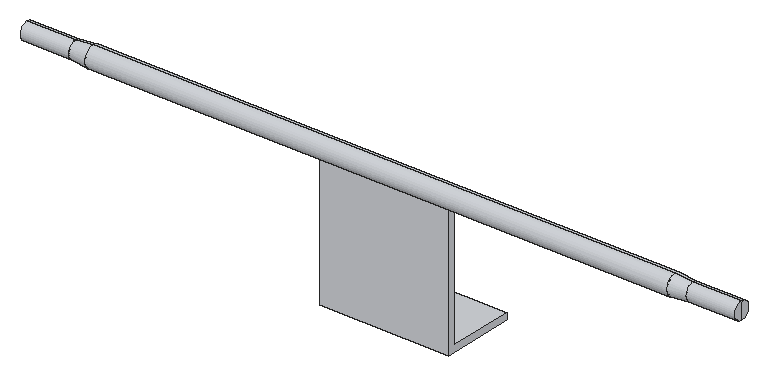
Revit family "Kee_Safety_INTEW010_-_KEELINE_EXTENDED_INT_BRACKET", category Generic Models, host Face, Revit 2026
Family settings
  Host = Face
  Can host rebar = No
  Round Connector Dimension = Use Diameter
  Part Type = Normal
  Cut with Voids When Loaded = No
  Maintain Annotation Orientation = No
  Shared = No
  Room Calculation Point = No
Parameters
  Shipping Weight kg = "0.0"
  Product Range = "KeeLine"
  Product Model Number = "LAINTEXT0"
  Product Literature = ""
  Product Group = "KeeLine"
  Product Family = "KeeLine"
  Width = 45 mm
  Overall Width = 45 mm
  Overall Length = 442 mm
  Overall Height = 88 mm
  Material = Stainless Steel, Polished
  Manufacturer Website = "www.keesafety.co.uk"
  Manufacturer Country = "United Kingdom"
  Manufacturer = "Kee Safety"
  Location of Manufacturer = "Cradley Heath"
  Gross Weight kg = "0.63"
  Finish = "Natural"
  Features = ""
  Design Country = "United Kingdom"
  Description = ""
  Default Elevation = 1219.2 mm
  Coverage Area = 0.00 m²
  Colour = "Natural"
  CE Approval = yes
  Assembly Code = "INTEW010"
  Annually = ""
Reference planes
  plane 1 "Center (Front/Back)": y = 0
  plane 2: z = 0
  plane 3 "Center (Left/Right)": x = 0
  plane 4: x = -40
  plane 5: x = 40
  plane 6: y = 0
  plane 7: x = 0
  plane 8: x = 0
  plane 9: x = -221
  plane 10: x = 221
  plane 11: x = -180
  plane 12: x = 180
Forms (mm)
  Extrusion 1, solid, detail levels fine
    sketch origin (0, 0, 0) x (0, 1, 0) y (0, 0, 1)
      loop
        line (45, 0) -> (45, 4) -> (4, 4) -> (4, 82) -> (0, 82) -> (0, 0) -> (45, 0)
    from -40 to 40
  Extrusion 2, void
    sketch origin (0, 0, 0) x (1, 0, 0) y (0, 1, 0)
      loop
        arc (-6.509, 30.464) -> (-12.973, 24) -> (-6.509, 17.536) r 6.464
        line (-6.509, 17.536) -> (6.481, 17.536)
        arc (6.481, 17.536) -> (12.945, 24) -> (6.481, 30.464) r 6.464
        line (6.481, 30.464) -> (-6.509, 30.464)
    from 0 to 82
  Revolve 3, solid, detail levels fine
    sketch origin (0, 0, 0) x (1, 0, 0) y (0, 0, 1)
      loop
        line (-180, 82) -> (180, 82) -> (190.972, 83.15) -> (221, 83.15) -> (221, 88.4) -> (-221, 88.4) -> (-221, 83.15) -> (-190.972, 83.15) -> (-180, 82)
      axis (-221, 88.4) -> (221, 88.4)
    angle from 0 to 360
  Extrusion 4, solid, detail levels medium
    sketch origin (0, 0, 0) x (0, 1, 0) y (0, 0, 1)
      loop
        line (4, 82) -> (0, 82) -> (0, 0) -> (45, 0) -> (45, 4) -> (4, 4) -> (4, 82)
    from -40 to 40
  Extrusion 5, solid, detail levels medium
    sketch origin (0, 0, 0) x (0, 1, 0) y (0, 0, 1)
      loop
        circle (0, 88.4) r 6.4
    from -221 to 221
  Extrusion 6, solid, detail levels coarse
    sketch origin (0, 0, -0.034) x (0, 1, 0) y (0, 0, 1)
      loop
        line (0, 0.034) -> (45, 0.034) -> (45, 82.034) -> (0, 82.034) -> (0, 0.034)
    from -40 to 40
  Extrusion 7, solid, detail levels coarse
    sketch origin (0, 0, 0) x (0, 1, 0) y (0, 0, 1)
      loop
        line (6.366, 94.82) -> (-6.423, 94.82) -> (-6.423, 82) -> (6.366, 82) -> (6.366, 94.82)
    from -221 to 221
Cuts and joins
  Extrusion 2 cuts Extrusion 1
Dimensions and locks
  locked: Extrusion 1 sketch curve to plane 6 at 45
  locked: Extrusion 1 sketch curve to Extrusion 1 sketch curve at 4  (x2)
  locked: host face to Extrusion 1 sketch curve at 82
  locked: plane 5 to plane 4 at 80
  equal spacing: plane 5, plane 7, plane 4
  locked: Extrusion 2 sketch curve to Extrusion 1 at 14.536
  locked: Extrusion 1 to Extrusion 2 sketch curve at 17.536
  level to Extrusion 4 = 82 mm
  plane 1 "Center (Front/Back)" to Extrusion 6 = 45 mm
  Extrusion 7 sketch curve to Extrusion 4 = 2.366 mm
  locked: Extrusion 7 sketch curve to Extrusion 6 at 12.82
  locked: Extrusion 7 sketch curve to Extrusion 7 sketch curve at 12.789
  aligned and locked: plane 2 to host face
  aligned and locked: level to host face
  aligned and locked: plane 6 to plane 1 "Center (Front/Back)"
  aligned and locked: plane 3 "Center (Left/Right)" to plane 7
  aligned and locked: Extrusion 1 to plane 4
  aligned and locked: plane 5 to Extrusion 1
  aligned and locked: Extrusion 1 to Extrusion 2
  aligned and locked: Extrusion 2 to level
  aligned and locked: Revolve 3 sketch curve to cut or joined group of Extrusion 1, Extrusion 2
  aligned and locked: plane 5 to Extrusion 4
  aligned and locked: Extrusion 6 to level
  aligned and locked: Extrusion 6 to cut or joined group of Extrusion 1, Extrusion 2  (x2)
  aligned and locked: plane 1 "Center (Front/Back)" to Extrusion 6
  aligned and locked: Extrusion 6 to plane 4
  aligned and locked: plane 5 to Extrusion 6
Automatic sketch dimensions
  host sketch curve to host sketch curve = 2438.4 mm
  host sketch curve to host sketch curve = 2238.4 mm
  Extrusion 1 sketch curve to level = 0 mm
  Extrusion 1 sketch curve to plane 1 "Center (Front/Back)" = 0 mm
  plane 3 "Center (Left/Right)" to Extrusion 2 sketch curve = 6.481 mm
  Extrusion 2 sketch curve to plane 3 "Center (Left/Right)" = 6.509 mm
  Extrusion 4 sketch curve to level = 0 mm
  Extrusion 4 sketch curve to plane 1 "Center (Front/Back)" = 0 mm
  Extrusion 4 sketch curve to plane 1 "Center (Front/Back)" = 4 mm
  level to Extrusion 4 sketch curve = 4 mm
  Extrusion 4 sketch curve to Extrusion 4 sketch curve = 41 mm
  Extrusion 4 sketch curve to Extrusion 4 sketch curve = 78 mm
  Extrusion 5 sketch curve to plane 1 "Center (Front/Back)" = 0 mm
  level to Extrusion 5 sketch curve = 88.4 mm
  plane 1 "Center (Front/Back)" to Extrusion 6 sketch curve = 0 mm
  Extrusion 6 sketch curve to level = 0 mm
  Extrusion 6 sketch curve to Extrusion 6 sketch curve = 45 mm
  Extrusion 6 sketch curve to Extrusion 6 sketch curve = 82 mm
  Extrusion 7 sketch curve to Extrusion 7 sketch curve = 12.82 mm
  Revolve 3 sketch curve to plane 9 = 0 mm
  Revolve 3 sketch curve to plane 11 = 0 mm
  Revolve 3 sketch curve to plane 12 = 0 mm
  Revolve 3 sketch curve to plane 10 = 0 mm
  Revolve 3 sketch curve to plane 11 = 10.972 mm
  plane 12 to Revolve 3 sketch curve = 10.972 mm
  Revolve 3 sketch curve to Revolve 3 sketch curve = 1.15 mm  (x2)
  Revolve 3 sketch curve to Revolve 3 sketch curve = 5.25 mm
  Revolve 3 sketch curve to plane 4 = 45.156 mm
  Revolve 3 sketch curve to plane 12 = 47.043 mm
  level to Revolve 3 sketch curve = 88.4 mm
  radius of Extrusion 5 sketch curve = 6.4 mm
